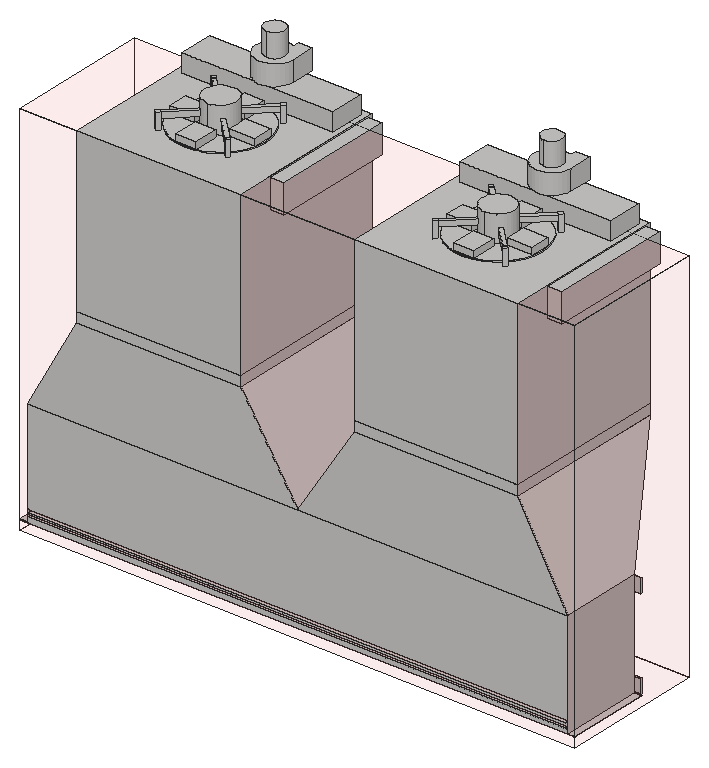
Revit family "Air-Curtain_Industrial_PoweredAire_Gas-Indirect-2Heater", category Mechanical Equipment, host Face, Revit 2025
Family settings
  Host = Face
  Round Connector Dimension = Use Diameter
  Part Type = Normal
  OmniClass Number = 23.75.35.17.21
  OmniClass Title = Air Curtains
  Cut with Voids When Loaded = No
  Maintain Annotation Orientation = No
  Shared = No
  Room Calculation Point = No
Parameters
  topbracket [instance] = Unit Height = 1' 4 3/4"  # yes
  Warranty Duration (Years) = 0
  Unit Width Notes = "Other Widths available."  # constant formula
  Unit Width = 9' - 3 5/32"
  Unit Weight = 0
  Unit Height = 1' - 4 3/4"
  Unit Depth = 1' - 9 1/4"
  URL = "http://www.poweredaire.com/"
  Test Data = ""
  Standards Conformance = "as Specified"
  Specification = "http://www.arcat.com/sdspecs/htm04/23_34_33pai.htm"
  SpecWizard = ""
  Sound Pressure = "as Specified"
  Sales Information = "http://www.poweredaire.com/contact_us"
  Revision = "R1_2016-08"
  Projection from Host [instance] = 0' - 2"
  Product Properties = ""
  Product Data = "http://www.arcat.com/arcatcos/cos47/arc47623.html"
  Power Rating = 0 W
  Piping_Operating Pressure [instance] = 0.00 psi
  Pipe OD [instance] = 5/8"
  Overall Depth = 6' - 1 3/4"
  Nozzle Width = if(1 = 1, Unit Width - 0' 3", 0' 0")  # 9' - 0 5/32"
  Mounting Width = if(1 = 1, Unit Width - 0' 1 1/2", 0' 0")  # 9' - 1 21/32"
  Mounting Height [instance] = 3' - 6"
  Motor RPM = 0
  Motor HP = 0
  Motor Count = 0
  Model = "As Specified"
  Max Height = 0' - 0"
  Manufacturer Website = "http://www.poweredaire.com/"
  Manufacturer Phone - Toll Free = "888-321-2473"
  Manufacturer Phone = "724-588-3305"
  Manufacturer Fax = "724-588-3371"
  Manufacturer Address = "109 Mortensen Rd.  Greenville, PA 16125"
  Manufacturer = "Powered Aire, Inc"
  Maintenance Schedule (Months) = 0
  Keynote = "23 34 33"
  Installation-Fabrication = ""
  Installation Phase = ""
  Include Clearance [instance] = yes
  Heating Element Load = 0 W
  Heater Weight = 0
  Heater Hanging Width = 2' - 6 5/8"
  Heater Finish [instance] = Metal - Steel - PoweredAire - Stainless 304
  HVAC_Temperature Rise = 0 °F
  HVAC_Primary CFM = 0 CFM
  HVAC_Outlet Volume = 0 CFM
  HVAC_Outlet Velocity Uniformity = 0
  HVAC_Outlet Velocity = 0 FPM
  HVAC_Exit Temperature [instance] = 0 °F
  HVAC_BTU Output = 0.0 Btu/h
  HVAC_BTU Input = 0.0 Btu/h
  Green Building-LEED = "http://www.arcat.com/green/clients/leed_data_47623.html"
  Gas Connection Diameter [instance] = 0"
  Frame Finish [instance] = Metal - Steel - PoweredAire - Stainless 304
  Expected Lifespan (Years) = 0
  Exhaust Connection Diameter = 0' - 5"
  Electrical_Wattage [instance] = Power Rating + Heating Element Load  # 0 W
  Electrical_Voltage [instance] = 0 V
  Electrical_Phase [instance] = 1
  Electrical_Frequency [instance] = 0 Hz
  Electrical_Amperage [instance] = 0 A
  Drawn By = "Sumex Design, Inc. / Robert S. Weygant, CSI, CDT, SCIP"
  Description = "Powered Aire Air Curtain as Specified"
  Default Elevation = 0' - 0"  # constant formula
  Copyright = "©Arcat Inc."
  Construction Details = "http://www.arcat.com/details/powair/prod3336.html"
  Clearance_Top [instance] = 1' - 0"
  Clearance_Side B [instance] = 0' - 0"
  Clearance_Side A [instance] = 0' - 0"
  Clearance_Intake [instance] = 0' - 0"
  Clearance_Bottom [instance] = 0' - 0"
  Clearance Material [instance] = ARCAT Clearance
  Building Codes = ""
  Available Options [instance] = "as Specified"
  Assembly Code = "D3090400"
Reference planes (in)
  plane 1 "Center (Elevation)": y = 0.13818
  plane 2: z = 0
  plane 3 "Center (Left/Right)": x = 0
  plane 4 "Top": y = 8.51318
  plane 5: y = -8.23682
  plane 6: x = -55.57812
  plane 7: x = 55.57813
  plane 8 "Front": z = 23.25
  plane 9 "FF": y = -41.86182
  plane 10: z = 2
  plane 11: x = 54.07813
  plane 12: x = -54.07812
  plane 13: y = 20.51318
  plane 14: y = -8.23682
  plane 15: x = -55.57812
  plane 16: x = 55.57813
  plane 17: z = 75.75
  plane 18: x = 54.01563
  plane 19: x = -54.01562
  plane 20: x = 54.07813
  plane 21: x = 54.07813
  plane 22: y = 6.01318
  plane 23: y = -5.73682
  plane 24: z = 75.75
  plane 25: z = 43.25
  plane 26: z = 41.25
  plane 27: x = -43.10156
  plane 28: x = -12.47656
  plane 29: x = -44.16406
  plane 30: x = -11.41406
  plane 31: x = 12.47656
  plane 32: x = 43.10156
  plane 33: x = 11.41406
  plane 34: x = 44.16406
  plane 35: x = -27.78906
  plane 36: x = 27.78906
Forms (in)
  Extrusion 1, solid, material "Metal - Steel - PoweredAire - Stainless 304" <- "Frame Finish"
    sketch origin (0, 0, 0) x (0, 1, 0) y (0, 0, 1)
      loop
        line (-8.23682, 2) -> (8.51318, 2) -> (8.51318, 23.25) -> (-8.23682, 23.25) -> (-8.23682, 2)
    from -54.07813 to 54.07812
  Extrusion 2, solid, material "ARCAT Clearance" <- "Clearance Material", visible <- "Include Clearance"
    sketch origin (0, 0, 0) x (0, 1, 0) y (0, 0, 1)
      loop
        line (-8.23682, 75.75) -> (-8.23682, 0) -> (20.51318, 0) -> (20.51318, 75.75) -> (-8.23682, 75.75)
    from -55.57812 to 55.57812
  Extrusion 3, solid, material "Metal - Steel - PoweredAire - Stainless 304" <- "Frame Finish"
    sketch origin (-15.17702, -180, 2) x (-1, 0, 0) y (0, -1, 0)
      loop
        line (-69.25515, -188.51318) -> (-69.25515, -171.76318) -> (-70.75515, -171.76318) -> (-70.75515, -188.51318) -> (-69.25515, -188.51318)
      loop
        line (38.9011, -188.51318) -> (40.4011, -188.51318) -> (40.4011, -171.76318) -> (38.9011, -171.76318) -> (38.9011, -188.51318)
    from 0 to 0.125
  Extrusion 4, solid, material "Metal - Steel - PoweredAire - Stainless 304" <- "Frame Finish", visible <- "topbracket"
    sketch origin (-11.83813, 8.51318, 48) x (-1, 0, 0) y (0, 0, 1)
      loop
        line (-65.91625, -45.5) -> (-65.91625, -42.75) -> (-67.41625, -42.75) -> (-67.41625, -45.5) -> (-65.91625, -45.5)
      loop
        line (-65.91625, -27.5) -> (-65.91625, -24.75) -> (-67.41625, -24.75) -> (-67.41625, -27.5) -> (-65.91625, -27.5)
      loop
        line (42.24, -45.5) -> (43.74, -45.5) -> (43.74, -42.75) -> (42.24, -42.75) -> (42.24, -45.5)
      loop
        line (42.24, -27.5) -> (43.74, -27.5) -> (43.74, -24.75) -> (42.24, -24.75) -> (42.24, -27.5)
    from 0 to -0.125
  Extrusion 5, void
    sketch origin (0, 0, 0) x (0, 1, 0) y (0, 0, 1)
      loop
        line (-8.23682, 3) -> (-7.23682, 3) -> (-7.23682, 4.5) -> (-8.23682, 4.5) -> (-8.23682, 3.82425) -> (-7.38364, 3.82425) -> (-7.38364, 3.57425) -> (-8.23682, 3.57425) -> (-8.23682, 3)
    from -54.01563 to 54.01562
  Blend 6, solid, material "Metal - Steel - PoweredAire - Stainless 304" <- "Frame Finish"
    base sketch origin (-15.17702, -180, 23.25) x (-1, 0, 0) y (0, -1, 0)
      loop
        line (38.9011, -188.51318) -> (38.9011, -171.76318) -> (-15.17702, -171.76318) -> (-15.17702, -188.51318) -> (38.9011, -188.51318)
    top sketch origin (-15.17702, -180, 23.25) x (-1, 0, 0) y (0, -1, 0)
      loop
        line (28.98704, -171.76318) -> (-3.76296, -171.76318) -> (-3.76296, -204.76318) -> (28.98704, -204.76318) -> (28.98704, -171.76318)
    from 0 to 18
  Blend 7, solid, material "Metal - Steel - PoweredAire - Stainless 304" <- "Frame Finish"
    base sketch origin (15.17702, -180, 23.25) x (1, 0, 0) y (0, 1, 0)
      loop
        line (38.9011, 188.51318) -> (-15.17702, 188.51318) -> (-15.17702, 171.76318) -> (38.9011, 171.76318) -> (38.9011, 188.51318)
    top sketch origin (15.17702, -180, 23.25) x (1, 0, 0) y (0, 1, 0)
      loop
        line (28.98704, 171.76318) -> (28.98704, 204.76318) -> (-3.76296, 204.76318) -> (-3.76296, 171.76318) -> (28.98704, 171.76318)
    from 0 to 18
Cuts and joins
  Extrusion 5 cuts Extrusion 1
Dimensions and locks (in)
  equal spacing: plane 4 "Top", plane 1 "Center (Elevation)", plane 5
  "Unit Height": plane 4 "Top" to plane 5
  "Unit Width": plane 6 to plane 7
  "Mounting Height": plane 1 "Center (Elevation)" to plane 9 "FF"
  "Projection from Host": plane 10 to level
  "Unit Depth": plane 8 "Front" to plane 10
  locked: plane 6 to plane 12 at 1.5
  locked: plane 11 to plane 7 at 1.5
  "Clearance_Side A": plane 7 to plane 16
  "Clearance_Side B": plane 15 to plane 6
  "Clearance_Top": plane 13 to plane 4 "Top"
  "Clearance_Bottom": plane 5 to plane 14
  "Clearance_Intake": plane 17 to plane 24
  Extrusion 5 sketch curve to Extrusion 5 sketch curve to Extrusion 5 sketch curve to Extrusion 5 sketch curve to plane 10 = 0' - 0.67575" locked, 0' - 0 1/4" locked, 0' - 0.57425" locked, 0' - 1" locked
  plane 5 to Extrusion 5 sketch curve to Extrusion 5 sketch curve = 0' - 0.85319" locked, 0' - 0.14681" locked
  locked: plane 19 to plane 12 at 0.0625
  locked: plane 11 to plane 18 at 0.0625
  locked: plane 20 to plane 11
  locked: plane 21 to plane 11
  locked: plane 4 "Top" to plane 22 at 2.5
  locked: plane 23 to plane 5 at 2.5
  "Overall Depth": plane 24 to plane 10
  locked: plane 25 to plane 26 at 2
  locked: plane 24 to plane 25 at 32.5
  locked: Blend 6 sketch curve to plane 5 at 33
  Extrusion 4 sketch curve to Extrusion 4 sketch curve to plane 10 = 0' - 2 3/4" locked, 0' - 0 1/2" locked  (x2)
  plane 8 "Front" to Extrusion 4 sketch curve to Extrusion 4 sketch curve = 0' - 0" locked, 0' - 2 3/4" locked  (x2)
  locked: plane 28 to plane 30 at 1.0625
  locked: plane 29 to plane 27 at 1.0625
  locked: plane 32 to plane 34 at 1.0625
  locked: plane 33 to plane 31 at 1.0625
  equal spacing: plane 6, plane 35, plane 3 "Center (Left/Right)", plane 36, plane 7
  equal spacing: plane 27, plane 35, plane 28
  "Heater Hanging Width": plane 27 to plane 28
  equal spacing: plane 31, plane 36, plane 32
  "Heater Hanging Width": plane 31 to plane 32
  locked: Blend 7 sketch curve to plane 5 at 33
  aligned and locked: plane 2 to host face
  aligned and locked: level to host face
  aligned and locked: Extrusion 2 sketch curve to plane 17
  aligned and locked: plane 14 to Extrusion 2 sketch curve
  aligned and locked: level to Extrusion 2 sketch curve
  aligned and locked: Extrusion 2 sketch curve to plane 13
  aligned and locked: plane 16 to Extrusion 2
  aligned and locked: Extrusion 2 to plane 15
  aligned and locked: plane 11 to Extrusion 1
  aligned and locked: Extrusion 1 to plane 12
  aligned and locked: Extrusion 1 sketch curve to plane 8 "Front"
  aligned and locked: plane 24 to nested 1
  aligned and locked: plane 5 to Blend 6 sketch curve
  aligned and locked: plane 12 to Blend 6 sketch curve
  aligned and locked: Blend 6 sketch curve to plane 4 "Top"
  aligned and locked: Blend 6 sketch curve to plane 5
  aligned and locked: plane 26 to Blend 6
  aligned and locked: plane 35 to nested 1
  aligned and locked: plane 36 to nested 2
  aligned and locked: plane 24 to nested 2
  aligned and locked: Blend 6 sketch curve to plane 3 "Center (Left/Right)"
  aligned and locked: Blend 6 sketch curve to plane 29
  aligned and locked: plane 30 to Blend 6 sketch curve
  aligned and locked: Blend 7 sketch curve to plane 5  (x2)
  aligned and locked: Blend 7 sketch curve to plane 3 "Center (Left/Right)"
  aligned and locked: plane 11 to Blend 7 sketch curve
  aligned and locked: Blend 7 sketch curve to plane 4 "Top"
  aligned and locked: plane 33 to Blend 7 sketch curve
  aligned and locked: Blend 7 sketch curve to plane 34
  aligned and locked: plane 18 to cut or joined group of Extrusion 1, Extrusion 5
  aligned and locked: cut or joined group of Extrusion 1, Extrusion 5 to plane 19
Automatic sketch dimensions
  host sketch curve to host sketch curve = 8' - 0"  (x2)
  Extrusion 1 sketch curve to plane 5 = 0' - 0"
  Extrusion 1 sketch curve to plane 4 "Top" = 0' - 0"
  Extrusion 1 sketch curve to plane 10 = 0' - 0"
  plane 4 "Top" to Extrusion 3 sketch curve = 0' - 0"
  Extrusion 3 sketch curve to plane 7 = 0' - 0"
  plane 5 to Extrusion 3 sketch curve = 0' - 0"
  Extrusion 3 sketch curve to plane 11 = 0' - 0"
  Extrusion 3 sketch curve to plane 4 "Top" = 0' - 0"
  Extrusion 3 sketch curve to plane 12 = 0' - 0"
  Extrusion 3 sketch curve to plane 6 = 0' - 0"
  Extrusion 3 sketch curve to plane 5 = 0' - 0"
  Extrusion 4 sketch curve to plane 7 = 0' - 0"  (x2)
  Extrusion 4 sketch curve to plane 11 = 0' - 0"  (x2)
  Extrusion 4 sketch curve to plane 12 = 0' - 0"  (x2)
  Extrusion 4 sketch curve to plane 6 = 0' - 0"  (x2)
  Extrusion 5 sketch curve to plane 5 = 0' - 0"  (x2)
Nested families (in)
  nested 1: "Heater" at (-27.78906, -8.23682, 43.2987) x (1, 0, 0) z (0, 1, 0), finish <- "Heater Finish", burner width <- "Heater Hanging Width", type "Heater"
    with finish Metal - Steel - PoweredAire - Stainless 304, burner width 2' - 6 5/8", Two Fan no, One Fan yes
  nested 2: "Heater" at (27.78906, -8.23682, 43.2987) x (1, 0, 0) z (0, 1, 0), finish <- "Heater Finish", burner width <- "Heater Hanging Width", type "Heater"
    with finish Metal - Steel - PoweredAire - Stainless 304, burner width 2' - 6 5/8", Two Fan no, One Fan yes
Connectors (in)
  electrical at (-54.07812, 0.13818, 12.625), driven by "Electrical_Voltage", driven by "Electrical_Phase"
    settings: on cut or joined group of Extrusion 1, Extrusion 5, index 3, voltage 0 V, apparent load 0 VA, apparent load phase1 0 VA, apparent load phase2 0 VA, apparent load phase3 0 VA, power factor 1, load classification "Motor", number of poles 1, system type 31, power factor state 1, is connector primary yes, connector utility no, sub classification motor no, connector description ""
  hvac at (-24.78906, 24.76318, 81.40625), driven by "Exhaust Connection Diameter", driven by "HVAC_Primary CFM"
    settings: on nested 1, index 4, duct flow 0 CFM, flow factor 0, pres drop 0.00 in-wg, loss coef 0, conn angle 0.00°, conn width 12", conn height 12", conn diameter 5", duct sys type 3, conn prof type 0, flow config 0, flow direction 2, loss method 0, conn ref index -1, conn util no, is conn primary yes, conn desc ""
  hvac at (30.78906, 24.76318, 81.40625), driven by "HVAC_Primary CFM", driven by "Exhaust Connection Diameter"
    settings: on nested 2, index 5, duct flow 0 CFM, flow factor 0, pres drop 0.00 in-wg, loss coef 0, conn angle 0.00°, conn width 12", conn height 12", conn diameter 5", duct sys type 3, conn prof type 0, flow config 0, flow direction 2, loss method 0, conn ref index -1, conn util no, is conn primary no, conn desc ""
Definition of nested family "Heater"
  Parameters
    finish [instance] = none
    burner width [instance] = 4' - 0 5/8"
    burner depth = 3' - 8 3/4"
    Two Fan [instance] = burner width > 4' 0"  # yes
    One Fan [instance] = burner width < 4' 0"  # no
    Default Elevation = 0' - 0"  # constant formula
  Reference planes (in)
    plane 1 "Center (Front/Back)": y = 0
    plane 2: z = 0
    plane 3 "Center (Left/Right)": x = 0
    plane 4: x = -25.375
    plane 5: x = 25.375
    plane 6: z = 33
    plane 7: y = -44.75
    plane 8: x = 3
    plane 9: x = 4.375
    plane 10: x = -12.6875
    plane 11: x = 12.6875
    plane 12: z = 15.5
    plane 13: x = -24.3125
    plane 14: x = 24.3125
  Forms (in)
    Extrusion 1, solid, material <- "finish"
      sketch origin (-74.94554, -3, 38.65968) x (0, 0, 1) y (1, 0, 0)
        loop
          line (-5.65968, 49.57054) -> (-5.65968, 100.32054) -> (-38.65968, 100.32054) -> (-38.65968, 49.57054) -> (-5.65968, 49.57054)
      from 3 to -29.4513
    Extrusion 2, solid, material <- "finish"
      sketch origin (0, 0, 0) x (0, 1, 0) y (0, 0, 1)
        loop
          line (2, 0) -> (2, 33) -> (0, 33) -> (0, 0) -> (2, 0)
      from -25.375 to 25.375
    Extrusion 3, solid, material <- "finish"
      sketch origin (-74.94554, -32.4513, 38.65968) x (0, 0, 1) y (1, 0, 0)
        loop
          line (-6.91591, 50.82971) -> (-6.91591, 99.10844) -> (-13.91591, 99.10844) -> (-13.91591, 50.82971) -> (-6.91591, 50.82971)
      from 0 to -3.625
    Extrusion 4, solid, material <- "finish"
      sketch origin (-74.94554, -36.0763, 38.65968) x (0, 0, 1) y (1, 0, 0)
        loop
          arc (-10.4052, 79.32054) -> (-12.67312, 72.60509) -> (-6.79809, 76.57054) r 3.74068
          line (-6.79809, 76.57054) -> (-5.65968, 76.57054) -> (-5.65968, 79.32054) -> (-10.4052, 79.32054)
      from 0 to -4.0625
    Extrusion 5, solid, material <- "finish"
      sketch origin (-73.58006, -40.1388, 35.52564) x (0, 0, -1) y (1, 0, 0)
        loop
          circle (7.27116, 74.21438) r 2
      from 4.6112 to 0
    Extrusion 6, solid, material <- "finish"
      sketch origin (0, 0, 0) x (1, 0, 0) y (0, 1, 0)
        loop
          line (28.3125, -32.4513) -> (28.3125, -26.7013) -> (25.3125, -26.7013) -> (25.3125, -32.4513) -> (28.3125, -32.4513)
      from 7.25 to 31.75
    Extrusion 7, solid, material <- "finish", visible <- "Two Fan"
      sketch origin (0, 0, 0) x (0, 1, 0) y (0, 0, 1)
        loop
          line (-32.4513, 6.22268) -> (-44.15658, 5.1986) -> (-44.15658, 4.4486) -> (-32.4513, 4.85736) -> (-32.4513, 6.22268)
      from -25.375 to 25.375
  Dimensions and locks (in)
    locked: Extrusion 4 sketch curve to Extrusion 4 sketch curve at 2.75
    "burner width": plane 13 to plane 14
    locked: plane 6 to level at 33
    "burner depth": plane 7 to plane 1 "Center (Front/Back)"
    locked: plane 8 to plane 9 at 1.375
    Extrusion 4 sketch curve to Extrusion 4 sketch curve to plane 8 = 0' - 0.99068" locked, 0' - 1 3/8" locked
    locked: Extrusion 5 sketch curve to plane 8 at 2.36568
    locked: plane 8 to plane 3 "Center (Left/Right)" at 3
    Extrusion 6 sketch curve to plane 5 to Extrusion 6 sketch curve = 0' - 0 1/16" locked, 0' - 2 15/16" locked
    equal spacing: plane 5, plane 11, plane 3 "Center (Left/Right)", plane 10, plane 4
    locked: plane 4 to plane 13 at 1.0625
    locked: plane 14 to plane 5 at 1.0625
    aligned and locked: plane 2 to level
    aligned: Extrusion 4 to Extrusion 5
    aligned: Extrusion 3 to Extrusion 2  (x2)
    aligned and locked: plane 7 to Extrusion 5
    aligned and locked: plane 4 to Extrusion 1 sketch curve
    aligned and locked: Extrusion 1 sketch curve to plane 5
    aligned and locked: Extrusion 7 to plane 4
    aligned and locked: plane 5 to Extrusion 7
    aligned and locked: plane 12 to nested 1
    aligned and locked: plane 3 "Center (Left/Right)" to nested 1
    aligned and locked: plane 12 to nested 3
    aligned and locked: plane 11 to nested 3
    aligned and locked: plane 10 to nested 2
    aligned and locked: plane 12 to nested 2
    aligned and locked: plane 5 to Extrusion 2
    aligned and locked: Extrusion 2 to plane 4
  Automatic sketch dimensions
    Extrusion 1 to Extrusion 3 sketch curve = 0' - 1.25917"
    Extrusion 1 to Extrusion 3 sketch curve = 0' - 8.25624"
    Extrusion 1 to Extrusion 3 sketch curve = 0' - 1.2121"
    Extrusion 1 to Extrusion 3 sketch curve = 0' - 1.25624"
    Extrusion 4 sketch curve to Extrusion 3 = 0' - 0.11782"
    Extrusion 4 sketch curve to Extrusion 3 = 0' - 1.25624"
    Extrusion 5 sketch curve to Extrusion 4 = 0' - 4.74552"
    Extrusion 1 sketch curve to level = 0' - 0"
    Extrusion 1 sketch curve to plane 6 = 0' - 0"
    Extrusion 2 sketch curve to level = 0' - 0"
    Extrusion 2 sketch curve to plane 1 "Center (Front/Back)" = 0' - 0"
    Extrusion 2 sketch curve to plane 6 = 0' - 0"
    Extrusion 2 sketch curve to Extrusion 2 sketch curve = 0' - 2"
    Extrusion 6 sketch curve to plane 7 = 1' - 0.2987"
    Extrusion 6 sketch curve to Extrusion 6 sketch curve = 0' - 5 3/4"
    Extrusion 7 sketch curve to plane 7 = 0' - 0.59342"
    level to Extrusion 7 sketch curve = 0' - 4.4486"
    Extrusion 7 sketch curve to Extrusion 7 sketch curve = 0' - 0 3/4"
    level to Extrusion 7 sketch curve = 0' - 4.85736"
    Extrusion 7 sketch curve to Extrusion 7 sketch curve = 0' - 11.70529"
    Extrusion 7 sketch curve to Extrusion 7 sketch curve = 0' - 1.36532"
    radius of Extrusion 5 sketch curve = 0' - 2"
  Nested families (in)
    nested 1: "FanControls" at (0, -32.4513, 15.5) x (1, 0, 0) z (0, -1, 0), finish <- "finish", visible <- "One Fan", type "FanControls"
      with finish none
    nested 2: "FanControls" at (-12.6875, -32.4513, 15.5) x (1, 0, 0) z (0, -1, 0), finish <- "finish", visible <- "Two Fan", type "FanControls"
      with finish none
    nested 3: "FanControls" at (12.6875, -32.4513, 15.5) x (1, 0, 0) z (0, -1, 0), finish <- "finish", visible <- "Two Fan", type "FanControls"
      with finish none
  Definition of nested family "FanControls"
    Parameters
      finish [instance] = none
      Default Elevation = 4' - 0"
    Reference planes (in)
      plane 1 "Center (Front/Back)": y = 0
      plane 2: z = 0
      plane 3 "Center (Left/Right)": x = 0
    Forms (in)
      Extrusion 1, solid, material <- "finish"
        sketch origin (-75.00804, 32.07233, 0) x (1, 0, 0) y (0, -1, 0)
          loop
            circle (75.00804, 32.07233) r 3.25
        from -5.33075 to 0
      Extrusion 2, solid, material <- "finish"
        sketch origin (24.44581, -78.06044, 0) x (1, 0, 0) y (0, -1, 0)
          loop
            line (-22.50831, -86.58776) -> (-22.50831, -81.58776) -> (-26.50831, -81.58776) -> (-26.50831, -86.58776) -> (-22.50831, -86.58776)
          loop
            line (-22.50831, -69.53312) -> (-26.50831, -69.53312) -> (-26.50831, -74.53312) -> (-22.50831, -74.53312) -> (-22.50831, -69.53312)
          loop
            line (-15.98099, -76.06044) -> (-20.98099, -76.06044) -> (-20.98099, -80.06044) -> (-15.98099, -80.06044) -> (-15.98099, -76.06044)
          loop
            line (-33.03563, -76.06044) -> (-33.03563, -80.06044) -> (-28.03563, -80.06044) -> (-28.03563, -76.06044) -> (-33.03563, -76.06044)
        from 0 to -1.37288
      Extrusion 3, solid, material <- "finish"
        sketch origin (-75.00804, 21.40968, 0) x (1, 0, 0) y (0, -1, 0)
          loop
            line (68.02536, 14.95733) -> (68.55569, 14.427) -> (75.00804, 20.87935) -> (81.46039, 14.427) -> (81.99072, 14.95733) -> (75.53837, 21.40968) -> (81.99072, 27.86203) -> (81.46039, 28.39236) -> (75.00804, 21.94001) -> (68.55569, 28.39236) -> (68.02536, 27.86203) -> (74.47771, 21.40968) -> (68.02536, 14.95733)
        from -3.1123 to -2
      Extrusion 4, solid, material <- "finish"
        sketch origin (-75.00804, 21.40968, 0) x (1, 0, 0) y (0, -1, 0)
          loop
            line (68.02536, 13.89667) -> (68.55569, 14.427) -> (68.02536, 14.95733) -> (67.49503, 14.427) -> (68.02536, 13.89667)
          loop
            line (82.52105, 14.427) -> (81.99072, 14.95733) -> (81.46039, 14.427) -> (81.99072, 13.89667) -> (82.52105, 14.427)
          loop
            line (81.99072, 28.92269) -> (81.46039, 28.39236) -> (81.99072, 27.86203) -> (82.52105, 28.39236) -> (81.99072, 28.92269)
          loop
            line (67.49503, 28.39236) -> (68.02536, 27.86203) -> (68.55569, 28.39236) -> (68.02536, 28.92269) -> (67.49503, 28.39236)
        from 0 to -3.1123
      Extrusion 5, solid, material <- "finish"
        sketch origin (0, 0, 0) x (1, 0, 0) y (0, 1, 0)
          loop
            circle (0, 0) r 9
        from 0 to 0.14961
    Dimensions and locks (in)
      Extrusion 4 sketch curve to Extrusion 4 sketch curve to Extrusion 4 sketch curve to Extrusion 4 sketch curve = 0' - 0.53033" locked, 0' - 0" locked, 0' - 0.53033" locked  (x4)
      Extrusion 3 sketch curve to Extrusion 3 sketch curve to Extrusion 3 sketch curve to Extrusion 3 sketch curve to Extrusion 3 sketch curve = 0' - 5.92202" locked, 0' - 0" locked, 0' - 0.53033" locked, 0' - 0" locked
      Extrusion 3 sketch curve to Extrusion 3 sketch curve to Extrusion 3 sketch curve to Extrusion 3 sketch curve to Extrusion 3 sketch curve = 0' - 0" locked, 0' - 0.53033" locked, 0' - 0" locked, 0' - 5.92202" locked
      locked: Extrusion 2 sketch curve to Extrusion 2 sketch curve at 5  (x2)
      aligned and locked: plane 2 to level
